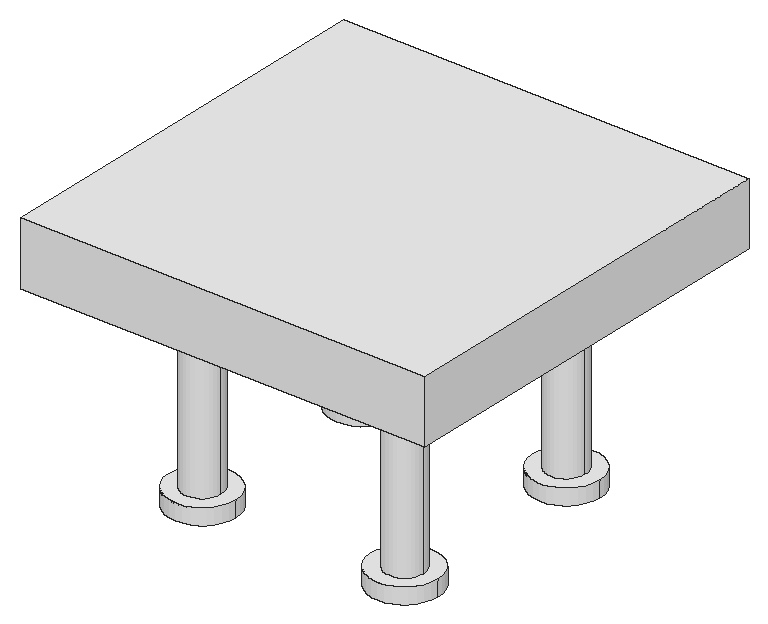
Revit family "915d2a247e914735a89cbdb95bf2c38a", category Structural Connections, host Face, Revit 2021
Family settings
  Host = Face
  Material for Model Behavior = Other
  Enable cutting in views = No
  Cut with Voids When Loaded = No
  Shared = No
Parameters (values of type "Default")
  Visibility dimension line [instance] = no
  Type Comments = "Mountingpart"
  Rod Radius = 0' - 0 3/16"
  Plate Width [instance] = 0' - 4"
  Plate Thickness [instance] = 0' - 0 5/8"
  Plate Material [instance] = Metal - Steel
  Plate Length [instance] = 0' - 4"
  Number of Bolts [instance] = 2
  Hole Spacing Vertical [instance] = 0' - 2"
  Hole Spacing Horizontal [instance] = 0' - 2"
  Head Radius = 0' - 0 85/256"
  Default Elevation = 0' - 0"
  Anchor Material [instance] = Metal - Steel
  Anchor Length [instance] = 0' - 2"
Reference planes (in)
  plane 1 "Center (Front/Back)": y = 0
  plane 2: z = 0
  plane 3 "Center (Left/Right)": x = 0
  plane 4: y = 2
  plane 5: y = 1
  plane 6: y = -1
  plane 7: y = -2
  plane 8: x = -1
  plane 9: x = 1
  plane 10: x = -2
  plane 11: x = 2
  plane 12: z = -0.625
Forms (in)
  Extrusion 1, solid, material "Metal - Steel" <- "Plate Material"
    sketch origin (0, 0, 0) x (1, 0, 0) y (0, 1, 0)
      loop
        line (-2, 2) -> (-2, -2) -> (2, -2) -> (2, 2) -> (-2, 2)
    from -0.625 to 0
Lines and regions (in)
  model lines, style "Dimension_Top", visible <- "Visibility dimension line"
    curve 1: line (-1, 0, 0) -> (1, 0, 0)
    curve 2: line (0, 1, 0) -> (0, -1, 0)
Dimensions and locks (in)
  "Hole Spacing Vertical": plane 5 to plane 6
  equal spacing: plane 5, plane 1 "Center (Front/Back)", plane 6
  equal spacing: plane 4, plane 1 "Center (Front/Back)", plane 7
  "Plate Width": plane 4 to plane 7
  equal spacing: plane 10, plane 3 "Center (Left/Right)", plane 11
  "Plate Length": plane 10 to plane 11
  equal spacing: plane 8, plane 3 "Center (Left/Right)", plane 9
  "Hole Spacing Horizontal": plane 8 to plane 9
  "Plate Thickness": plane 2 to plane 12
  group 1 to group 2 = 0' - 0"  (x2)
  group 2 to group 1 = 0' - 2"
  group 3 to group 4 = 0' - 0"  (x2)
  group 4 to group 3 = 0' - 2"
  aligned and locked: plane 2 to host face
  aligned and locked: level to host face
  aligned and locked: Extrusion 1 sketch curve to plane 4
  aligned and locked: plane 10 to Extrusion 1 sketch curve
  aligned and locked: plane 7 to Extrusion 1 sketch curve
  aligned and locked: Extrusion 1 sketch curve to plane 11
  aligned and locked: Extrusion 1 to plane 12
  aligned and locked: plane 2 to Extrusion 1
  aligned and locked: plane 5 to nested 1
  aligned and locked: plane 9 to nested 1
  aligned and locked: plane 6 to nested 2
  aligned and locked: plane 9 to nested 2
  aligned and locked: plane 5 to nested 3
  aligned and locked: plane 8 to nested 3
  aligned and locked: plane 6 to nested 4
  aligned and locked: plane 8 to nested 4
Automatic sketch dimensions
  host sketch curve to host sketch curve = 2' - 7.81948"
  host sketch curve to host sketch curve = 2' - 8.66988"
  plane 1 "Center (Front/Back)" to curve 1 = 0' - 0"
  curve 1 to plane 8 = 0' - 0"
  curve 2 to plane 3 "Center (Left/Right)" = 0' - 0"
  curve 1 to plane 9 = 0' - 0"
  curve 2 to plane 6 = 0' - 0"
  curve 2 to plane 5 = 0' - 0"
Nested families (in)
  nested 1: "Anchor Rod" at (1, 1, -0.625) x (1, 0, 0) z (0, 0, -1), type "Anchor Rod"
    with Rod Radius 0' - 0 3/16", Head Radius 0' - 0 85/256", Anchor Height 0' - 2"
  nested 2: "Anchor Rod" at (1, -1, -0.625) x (1, 0, 0) z (0, 0, -1), type "Anchor Rod"
    with Rod Radius 0' - 0 3/16", Head Radius 0' - 0 85/256", Anchor Height 0' - 2"
  nested 3: "Anchor Rod" at (-1, 1, -0.625) x (1, 0, 0) z (0, 0, -1), type "Anchor Rod"
    with Rod Radius 0' - 0 3/16", Head Radius 0' - 0 85/256", Anchor Height 0' - 2"
  nested 4: "Anchor Rod" at (-1, -1, -0.625) x (1, 0, 0) z (0, 0, -1), type "Anchor Rod"
    with Rod Radius 0' - 0 3/16", Head Radius 0' - 0 85/256", Anchor Height 0' - 2"
Definition of nested family "Anchor Rod"
  Parameters (values of type "Anchor Rod")
    Rod Radius = 0' - 0.19685"
    Head Radius = 0' - 0.31496"
    Assembly Code = ""
    Anchor Height = 0' - 1.9685"
    Default Elevation = 0' - 0"
    Anchor Material = none
  Reference planes (in)
    plane 1 "Center (Front/Back)": y = 0
    plane 2: z = 0
    plane 3 "Center (Left/Right)": x = 0
    plane 4: z = 1.81102
    plane 5: z = 1.9685
    plane 6: x = -0.31496
    plane 7: x = 0.31496
    plane 8: x = -0.19685
    plane 9: x = 0.19685
    plane 10: z = 0.14862
  Forms (in)
    Extrusion 1, solid
      sketch origin (0, 0, 0) x (1, 0, 0) y (0, 1, 0)
        loop
          line (-29.5, 30.75) -> (-29.5, -27.06844) -> (38.39453, -27.06844) -> (38.39453, 30.75) -> (-29.5, 30.75)
      from 0 to -1.57336
    Extrusion 2, solid, material <- "Anchor Material"
      sketch origin (0, 0, 0) x (1, 0, 0) y (0, 1, 0)
        loop
          circle (0, 0) r 0.31496
      from 1.81102 to 1.9685
    Extrusion 3, solid, material <- "Anchor Material"
      sketch origin (0, 0, 0) x (1, 0, 0) y (0, 1, 0)
        loop
          circle (0, 0) r 0.19685
      from 0 to 1.9685
  Cuts and joins
    joined: Extrusion 2, Extrusion 3
  Dimensions and locks (in)
    "Anchor Height": plane 5 to plane 2
    equal spacing: plane 6, plane 3 "Center (Left/Right)", plane 7
    equal spacing: plane 9, plane 3 "Center (Left/Right)", plane 8
    "Rod Radius": plane 9 to plane 3 "Center (Left/Right)"
    locked: plane 5 to plane 4 at 0.15748
    "Head Radius": plane 6 to plane 3 "Center (Left/Right)"
    "Rod Radius": radius of Extrusion 3 sketch curve
    "Head Radius": radius of Extrusion 2 sketch curve
    aligned and locked: plane 2 to Extrusion 1
    aligned and locked: level to Extrusion 1
    aligned and locked: plane 1 "Center (Front/Back)" to Extrusion 2 sketch curve
    aligned and locked: plane 3 "Center (Left/Right)" to Extrusion 2 sketch curve
    aligned and locked: Extrusion 2 to plane 4
    aligned and locked: plane 5 to Extrusion 2
    aligned and locked: plane 1 "Center (Front/Back)" to Extrusion 3 sketch curve
    aligned and locked: plane 3 "Center (Left/Right)" to Extrusion 3 sketch curve
    aligned and locked: Extrusion 3 to plane 2
    aligned and locked: plane 5 to Extrusion 3
  Automatic sketch dimensions
    Extrusion 1 sketch curve to Extrusion 1 sketch curve = 5' - 7 229/256"
    Extrusion 1 sketch curve to Extrusion 1 sketch curve = 4' - 9.81844"
